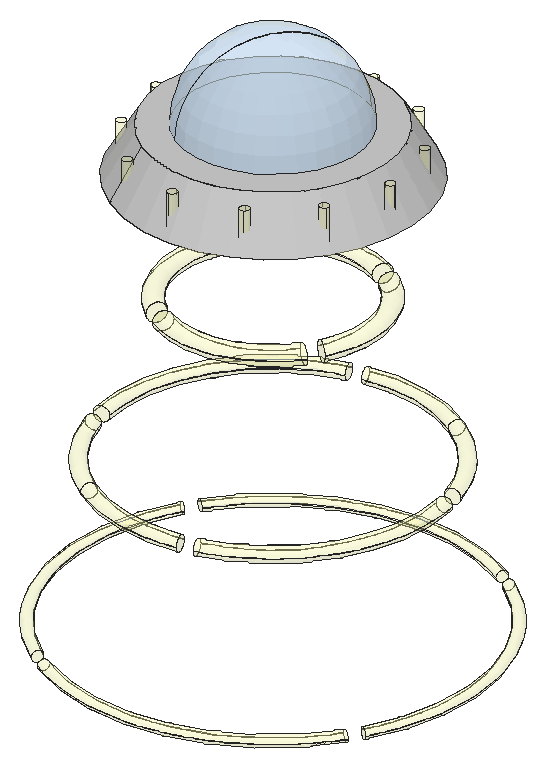
Revit family "UFO", category Generic Models, Revit 2020
Family settings
  Can host rebar = No
  Round Connector Dimension = Use Diameter
  Part Type = Normal
  Work Plane-Based = No
  Always vertical = Yes
  Cut with Voids When Loaded = No
  Shared = No
  Room Calculation Point = No
Parameters (values of type "UFO_main")
  show_beam [instance] = yes
  angle [instance] = 58.00°
  Default Elevation = 0 mm
Reference planes
  plane 1 "Center (Front/Back)": y = 0
  plane 2: z = 0
  plane 3 "Center (Left/Right)": x = 0
Lines and regions (mm)
  reference lines
    curve 1: line (0, 0, 0) -> (1006.847, 1611.291, 0)
Dimensions and locks
  "angle": angle plane 1 "Center (Front/Back)" to curve 1
  aligned and locked: plane 2 to level
  aligned and locked: plane 1 "Center (Front/Back)" to curve 1
  aligned and locked: plane 3 "Center (Left/Right)" to curve 1
Nested families
  nested 1: "UFO_lift" at (0, 0, 0) x (-0.5299, -0.848, 0) z (0.848, -0.5299, 0), type "Family1"
    with show_beam yes
  nested 2: "UFO_unit" at (0, 0, 6000) x (0.5299, 0.848, 0) z (0, 0, 1), type "UFO_unit"
    with show_beam yes
Definition of nested family "UFO_unit"
  Parameters (values of type "UFO_unit")
    show_beam [instance] = yes
    Default Elevation = 0 mm
  Reference planes
    plane 1 "Center (Front/Back)": y = 0
    plane 2: z = 0
    plane 3 "Center (Left/Right)": x = 0
  Forms (mm)
    Blend 1, solid
      base sketch origin (0, 0, 0) x (1, 0, 0) y (0, 1, 0)
        loop
          circle (0, 0) r 1500
      top sketch origin (0, 0, 0) x (1, 0, 0) y (0, 1, 0)
        loop
          circle (0, 0) r 1200
      from 0 to 500
    Revolve 2, solid
      sketch origin (0, 0, 0) x (1, 0, 0) y (0, 0, 1)
        loop
          arc (900, 500) -> (636.396, 1136.396) -> (0, 1400) r 900
          line (0, 1400) -> (0, 500) -> (900, 500)
        axis (0, 1400) -> (0, 500)
      angle from 0 to 360
    Extrusion 3, solid
      sketch origin (-900, 0, 0) x (1, 0, 0) y (0, 1, 0)
        loop
          circle (2234.357, 0) r 50
      from 50 to 400
    Extrusion 4, solid
      sketch origin (-779.423, 450, 0) x (0.866025, -0.5, 0) y (0.5, 0.866025, 0)
        loop
          circle (2234.357, 0) r 50
      from 50 to 400
    Extrusion 5, solid
      sketch origin (-779.423, -450, 0) x (0.866025, 0.5, 0) y (-0.5, 0.866025, 0)
        loop
          circle (2234.357, 0) r 50
      from 50 to 400
    Extrusion 6, solid
      sketch origin (-450, -779.423, 0) x (0.5, 0.866025, 0) y (-0.866025, 0.5, 0)
        loop
          circle (2234.357, 0) r 50
      from 50 to 400
    Extrusion 7, solid
      sketch origin (0, -900, 0) x (0, 1, 0) y (-1, 0, 0)
        loop
          circle (2234.357, 0) r 50
      from 50 to 400
    Extrusion 8, solid
      sketch origin (450, -779.423, 0) x (-0.5, 0.866025, 0) y (-0.866025, -0.5, 0)
        loop
          circle (2234.357, 0) r 50
      from 50 to 400
    Extrusion 9, solid
      sketch origin (779.423, -450, 0) x (-0.866025, 0.5, 0) y (-0.5, -0.866025, 0)
        loop
          circle (2234.357, 0) r 50
      from 50 to 400
    Extrusion 10, solid
      sketch origin (900, 0, 0) x (-1, 0, 0) y (0, -1, 0)
        loop
          circle (2234.357, 0) r 50
      from 50 to 400
    Extrusion 11, solid
      sketch origin (779.423, 450, 0) x (-0.866025, -0.5, 0) y (0.5, -0.866025, 0)
        loop
          circle (2234.357, 0) r 50
      from 50 to 400
    Extrusion 12, solid
      sketch origin (450, 779.423, 0) x (-0.5, -0.866025, 0) y (0.866025, -0.5, 0)
        loop
          circle (2234.357, 0) r 50
      from 50 to 400
    Extrusion 13, solid
      sketch origin (0, 900, 0) x (0, -1, 0) y (1, 0, 0)
        loop
          circle (2234.357, 0) r 50
      from 50 to 400
    Extrusion 14, solid
      sketch origin (-450, 779.423, 0) x (0.5, -0.866025, 0) y (0.866025, 0.5, 0)
        loop
          circle (2234.357, 0) r 50
      from 50 to 400
    Sweep 15, solid, visible <- "show_beam"
      path in 3D
        loop
          arc (-500, 0, 0) -> (0, -500, 0) -> (500, 0, 0) r 500
          arc (500, 0, 0) -> (0, 500, 0) -> (-500, 0, 0) r 500
      profile "profile : DD" origin (0, 500, 0) x (0, -1, 0) y (0, 0, 1)
        loop
          circle (-1629.857, -4421.73) r 60
        loop
          circle (-1183.611, -2822.233) r 80
        loop
          circle (-537.701, -1215.914) r 100
    Extrusion 16, void
      sketch origin (0, 0, 0) x (1, 0, 0) y (0, 1, 0)
        loop
          line (-3806.428, 80) -> (-3806.428, -80) -> (-80, -80) -> (-80, -3806.428) -> (80, -3806.428) -> (80, -80) -> (4573.572, -80) -> (4573.572, 80) -> (80, 80) -> (80, 4573.572) -> (-80, 4573.572) -> (-80, 80) -> (-3806.428, 80)
      from -2322.286 to -536.221
    Extrusion 17, void
      sketch origin (0, 0, 0) x (1, 0, 0) y (0, 1, 0)
        loop
          line (-3806.428, 80) -> (-3806.428, -80) -> (-80, -80) -> (-80, -3806.428) -> (80, -3806.428) -> (80, -80) -> (4573.572, -80) -> (4573.572, 80) -> (80, 80) -> (80, 4573.572) -> (-80, 4573.572) -> (-80, 80) -> (-3806.428, 80)
      from -5455.063 to -3866.147
    Extrusion 18, void
      sketch origin (0, 0, 0) x (0.707107, -0.707107, 0) y (0.707107, 0.707107, 0)
        loop
          line (-3806.428, 80) -> (-3806.428, -80) -> (-80, -80) -> (-80, -3806.428) -> (80, -3806.428) -> (80, -80) -> (4573.572, -80) -> (4573.572, 80) -> (80, 80) -> (80, 4573.572) -> (-80, 4573.572) -> (-80, 80) -> (-3806.428, 80)
      from -3372.62 to -1964.263
  Cuts and joins
    Extrusion 16, Extrusion 17, Extrusion 18 cuts Sweep 15
  Lines and regions (mm)
    reference lines
      curve 1: circle (0, 0, 0) r 500 normal (0, 0, 1)
    sketch lines
      curve 2: circle (0, 0, 0) r 500 normal (0, 0, 1)
  Dimensions and locks
    aligned and locked: plane 2 to level
Definition of nested family "UFO_lift"
  Parameters (values of type "Family1")
    show_beam [instance] = yes
    Default Elevation = 1219.2 mm
  Reference planes
    plane 1 "Center (Front/Back)": y = 0
    plane 2: z = 0
    plane 3 "Center (Left/Right)": x = 0
  Dimensions and locks
    aligned and locked: level to plane 2
  Nested families
    nested 1: "UFO_unit" at (0, -6000, 0) x (-1, 0, 0) z (0, -1, 0), show_beam <- "show_beam", type "UFO_unit"
      with show_beam yes
  Definition of nested family "UFO_unit"
    Parameters (values of type "UFO_unit")
      show_beam [instance] = yes
      Default Elevation = 0 mm
    Reference planes
      plane 1 "Center (Front/Back)": y = 0
      plane 2: z = 0
      plane 3 "Center (Left/Right)": x = 0
    Forms (mm)
      Blend 1, solid
        base sketch origin (0, 0, 0) x (1, 0, 0) y (0, 1, 0)
          loop
            circle (0, 0) r 1500
        top sketch origin (0, 0, 0) x (1, 0, 0) y (0, 1, 0)
          loop
            circle (0, 0) r 1200
        from 0 to 500
      Revolve 2, solid
        sketch origin (0, 0, 0) x (1, 0, 0) y (0, 0, 1)
          loop
            arc (900, 500) -> (636.396, 1136.396) -> (0, 1400) r 900
            line (0, 1400) -> (0, 500) -> (900, 500)
          axis (0, 1400) -> (0, 500)
        angle from 0 to 360
      Extrusion 3, solid
        sketch origin (-900, 0, 0) x (1, 0, 0) y (0, 1, 0)
          loop
            circle (2234.357, 0) r 50
        from 50 to 400
      Extrusion 4, solid
        sketch origin (-779.423, 450, 0) x (0.866025, -0.5, 0) y (0.5, 0.866025, 0)
          loop
            circle (2234.357, 0) r 50
        from 50 to 400
      Extrusion 5, solid
        sketch origin (-779.423, -450, 0) x (0.866025, 0.5, 0) y (-0.5, 0.866025, 0)
          loop
            circle (2234.357, 0) r 50
        from 50 to 400
      Extrusion 6, solid
        sketch origin (-450, -779.423, 0) x (0.5, 0.866025, 0) y (-0.866025, 0.5, 0)
          loop
            circle (2234.357, 0) r 50
        from 50 to 400
      Extrusion 7, solid
        sketch origin (0, -900, 0) x (0, 1, 0) y (-1, 0, 0)
          loop
            circle (2234.357, 0) r 50
        from 50 to 400
      Extrusion 8, solid
        sketch origin (450, -779.423, 0) x (-0.5, 0.866025, 0) y (-0.866025, -0.5, 0)
          loop
            circle (2234.357, 0) r 50
        from 50 to 400
      Extrusion 9, solid
        sketch origin (779.423, -450, 0) x (-0.866025, 0.5, 0) y (-0.5, -0.866025, 0)
          loop
            circle (2234.357, 0) r 50
        from 50 to 400
      Extrusion 10, solid
        sketch origin (900, 0, 0) x (-1, 0, 0) y (0, -1, 0)
          loop
            circle (2234.357, 0) r 50
        from 50 to 400
      Extrusion 11, solid
        sketch origin (779.423, 450, 0) x (-0.866025, -0.5, 0) y (0.5, -0.866025, 0)
          loop
            circle (2234.357, 0) r 50
        from 50 to 400
      Extrusion 12, solid
        sketch origin (450, 779.423, 0) x (-0.5, -0.866025, 0) y (0.866025, -0.5, 0)
          loop
            circle (2234.357, 0) r 50
        from 50 to 400
      Extrusion 13, solid
        sketch origin (0, 900, 0) x (0, -1, 0) y (1, 0, 0)
          loop
            circle (2234.357, 0) r 50
        from 50 to 400
      Extrusion 14, solid
        sketch origin (-450, 779.423, 0) x (0.5, -0.866025, 0) y (0.866025, 0.5, 0)
          loop
            circle (2234.357, 0) r 50
        from 50 to 400
      Sweep 15, solid, visible <- "show_beam"
        path in 3D
          loop
            arc (-500, 0, 0) -> (0, -500, 0) -> (500, 0, 0) r 500
            arc (500, 0, 0) -> (0, 500, 0) -> (-500, 0, 0) r 500
        profile "profile : DD" origin (0, 500, 0) x (0, -1, 0) y (0, 0, 1)
          loop
            circle (-1629.857, -4421.73) r 60
          loop
            circle (-1183.611, -2822.233) r 80
          loop
            circle (-537.701, -1215.914) r 100
      Extrusion 16, void
        sketch origin (0, 0, 0) x (1, 0, 0) y (0, 1, 0)
          loop
            line (-3806.428, 80) -> (-3806.428, -80) -> (-80, -80) -> (-80, -3806.428) -> (80, -3806.428) -> (80, -80) -> (4573.572, -80) -> (4573.572, 80) -> (80, 80) -> (80, 4573.572) -> (-80, 4573.572) -> (-80, 80) -> (-3806.428, 80)
        from -2322.286 to -536.221
      Extrusion 17, void
        sketch origin (0, 0, 0) x (1, 0, 0) y (0, 1, 0)
          loop
            line (-3806.428, 80) -> (-3806.428, -80) -> (-80, -80) -> (-80, -3806.428) -> (80, -3806.428) -> (80, -80) -> (4573.572, -80) -> (4573.572, 80) -> (80, 80) -> (80, 4573.572) -> (-80, 4573.572) -> (-80, 80) -> (-3806.428, 80)
        from -5455.063 to -3866.147
      Extrusion 18, void
        sketch origin (0, 0, 0) x (0.707107, -0.707107, 0) y (0.707107, 0.707107, 0)
          loop
            line (-3806.428, 80) -> (-3806.428, -80) -> (-80, -80) -> (-80, -3806.428) -> (80, -3806.428) -> (80, -80) -> (4573.572, -80) -> (4573.572, 80) -> (80, 80) -> (80, 4573.572) -> (-80, 4573.572) -> (-80, 80) -> (-3806.428, 80)
        from -3372.62 to -1964.263
    Cuts and joins
      Extrusion 16, Extrusion 17, Extrusion 18 cuts Sweep 15
    Lines and regions (mm)
      reference lines
        curve 1: circle (0, 0, 0) r 500 normal (0, 0, 1)
      sketch lines
        curve 2: circle (0, 0, 0) r 500 normal (0, 0, 1)
    Dimensions and locks
      aligned and locked: plane 2 to level
